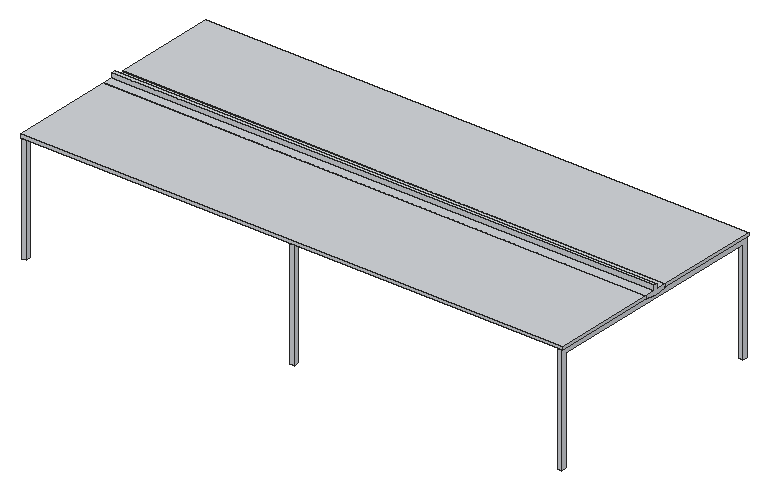
Revit family "Mesa - Estação de trabalho com fiação 1", category Mobiliário, Revit 2019
Family settings
  Com base no plano de trabalho = Não
  Sempre na vertical = Sim
  Corte com vazios quando carregada = Não
  Compartilhado = Não
  Ponto de cálculo do ambiente = Não
Parameters (values of type "Mesa - Estação de trabalho com fiação 1")
  W2 = Largura do poste / 2 + 5 mm  # 20 mm
  W1 = Largura do poste / 2 + 5 mm  # 20 mm
  Visibilidade do poste do meio [instance] = Comprimento > 3000 mm  # yes
  Largura do poste = 30 mm
  Comprimento do poste = 30 mm
  Espessura do painel = 20 mm
  Largura = 1500 mm
  Comprimento [instance] = 3500 mm
  Material de poste = none
  Material do painel = none
  Altura = 720 mm
  Assembly Code = ""
Reference planes
  plane 1 "Centro (Frente/Trás)": y = 1020
  plane 2: z = 0
  plane 3 "Centro (Esquerda/Direita)": x = -1260
  plane 4: y = 1770
  plane 5: y = 270
  plane 6: x = -3010
  plane 7: x = 490
  plane 8: z = 720
  plane 9: y = 1100
  plane 10: y = 940
  plane 11: z = 700
  plane 12: y = 945
  plane 13: y = 1095
  plane 14: z = 688
  plane 15: y = 1030
  plane 16: y = 1010
  plane 17: z = 750
  plane 18: x = -2990
  plane 19: x = 470
  plane 20: y = 1750
  plane 21: y = 290
  plane 22: z = 680
Forms (mm)
  Sweep 1, solid, material <- "Material de poste", visible <- "Visibilidade do poste do meio"
    path origin (-1260, 0, 0) x (0, 1, 0) y (0, 0, 1)
      loop
        line (1750, 0) -> (1750, 680) -> (290, 680) -> (290, 0)
    profile "Poste : Poste" origin (-1260, 1750, 340) x (0, -1, 0) y (1, 0, 0)
      loop
        line (-15, 15) -> (-15, -15) -> (15, -15) -> (15, 15) -> (-15, 15)
  Extrusion 2, solid, material <- "Material do painel"
    sketch origin (0, 0, 0) x (1, 0, 0) y (0, 1, 0)
      loop
        line (-3010, 940) -> (-3010, 270) -> (490, 270) -> (490, 940) -> (-3010, 940)
    from 700 to 720
  Extrusion 3, solid, material <- "Material do painel"
    sketch origin (0, 0, 0) x (1, 0, 0) y (0, 1, 0)
      loop
        line (-3010, 1770) -> (-3010, 1100) -> (490, 1100) -> (490, 1770) -> (-3010, 1770)
    from 700 to 720
  SweptBlend 4, solid, material <- "Material do painel"
    path origin (-1260, 0, 0) x (0, 1, 0) y (0, 0, 1)
      loop
        line (1095, 720) -> (1020, 720)
    profile origin (-1260, 1095, 720) x (0, 0, -1) y (1, 0, 0)
      loop
        line (0, 1750) -> (0, -1750) -> (20, -1750) -> (20, 1750) -> (0, 1750)
    end profile origin (-1260, 1020, 720) x (0, 0, -1) y (1, 0, 0)
      loop
        line (0, 1750) -> (0, -1750) -> (32, -1750) -> (32, 1750) -> (0, 1750)
  Sweep 5, void
    path origin (0, 0, 0) x (1, 0, 0) y (0, 1, 0)
      loop
        line (-3010, 1020) -> (490, 1020)
    profile origin (-1260, 1020, 0) x (0, 1, 0) y (0, 0, 1)
      loop
        line (75, 695) -> (-75, 695) -> (0, 681.775) -> (75, 695)
  Sweep 6, solid, material <- "Material de poste"
    path origin (-2990, 1893.501, 1200) x (0, 1, 0) y (0, 0, 1)
      loop
        line (-143.501, -1200) -> (-143.501, -520) -> (-1603.501, -520) -> (-1603.501, -1200)
    profile "Poste : Poste" origin (-2990, 1750, 340) x (0, -1, 0) y (1, 0, 0)
      loop
        line (-15, 15) -> (-15, -15) -> (15, -15) -> (15, 15) -> (-15, 15)
  Sweep 7, solid, material <- "Material do painel"
    path origin (0, 0, 0) x (1, 0, 0) y (0, 1, 0)
      loop
        line (-3010, 1020) -> (490, 1020)
    profile origin (-1260, 1020, 0) x (0, 1, 0) y (0, 0, 1)
      loop
        line (0, 720) -> (-75, 720) -> (-75, 700) -> (0, 688) -> (0, 720)
  Sweep 8, solid, material <- "Material de poste"
    path origin (470, 2030, 1200) x (0, 1, 0) y (0, 0, 1)
      loop
        line (-1740, -1200) -> (-1740, -520) -> (-280, -520) -> (-280, -1200)
    profile "Poste : Poste" origin (470, 290, 340) x (0, -1, 0) y (1, 0, 0)
      loop
        line (-15, 15) -> (-15, -15) -> (15, -15) -> (15, 15) -> (-15, 15)
  Extrusion 9, solid, material <- "Material do painel"
    sketch origin (0, 0, 0) x (1, 0, 0) y (0, 1, 0)
      loop
        line (-3010, 1030) -> (-3010, 1010) -> (490, 1010) -> (490, 1030) -> (-3010, 1030)
    from 720 to 750
Cuts and joins
  Sweep 5 cuts Sweep 1
  joined: SweptBlend 4, Sweep 7, Extrusion 9
  Sweep 5 cuts Sweep 6
  Sweep 5 cuts Sweep 8
Lines and regions (mm)
  Masking region 1
    outline origin (0, 0, 0) x (1, 0, 0) y (0, 1, 0)
      loop
        line (490, 1770) -> (-3010, 1770) -> (-3010, 270) -> (490, 270) -> (490, 1770)
  symbolic lines
    curve 1: line (-3010, 1770, 0) -> (-3010, 270, 0)
    curve 2: line (-3010, 1770, 0) -> (490, 1770, 0)
    curve 3: line (490, 1770, 0) -> (490, 270, 0)
    curve 4: line (-3010, 270, 0) -> (490, 270, 0)
    curve 5: line (-3010, 1030, 0) -> (490, 1030, 0)
    curve 6: line (-3010, 1010, 0) -> (490, 1010, 0)
    curve 7: line (-3010, 1100, 0) -> (490, 1100, 0)
    curve 8: line (-3010, 940, 0) -> (490, 940, 0)
Dimensions and locks
  "Largura": plane 4 to plane 5
  equal spacing: plane 4, plane 1 "Centro (Frente/Trás)", plane 5
  "Comprimento": plane 6 to plane 7
  equal spacing: plane 6, plane 3 "Centro (Esquerda/Direita)", plane 7
  "Altura": plane 8 to plane 2
  "Espessura do painel": plane 11 to plane 8
  equal spacing: plane 13, plane 1 "Centro (Frente/Trás)", plane 12
  locked: plane 13 to plane 12 at 150
  locked: plane 14 to plane 11 at 12
  locked: plane 9 to plane 13 at 5
  locked: plane 12 to plane 10 at 5
  plane 15 to plane 1 "Centro (Frente/Trás)" to plane 16 = 10 mm locked, 10 mm locked
  locked: plane 17 to plane 8 at 30
  "W1": plane 6 to plane 18
  "W1": plane 19 to plane 7
  "W1": plane 4 to plane 20
  "W1": plane 21 to plane 5
  "W2": plane 11 to plane 22
  aligned and locked: plane 2 to Sweep 1 sketch curve  (x2)
  aligned and locked: Extrusion 2 sketch curve to plane 10
  aligned and locked: plane 6 to Extrusion 2 sketch curve
  aligned and locked: plane 5 to Extrusion 2 sketch curve
  aligned and locked: Extrusion 2 sketch curve to plane 7
  aligned and locked: plane 8 to Extrusion 2
  aligned and locked: Extrusion 2 to plane 11
  aligned and locked: Extrusion 3 sketch curve to plane 4
  aligned and locked: plane 6 to Extrusion 3 sketch curve
  aligned and locked: plane 9 to Extrusion 3 sketch curve
  aligned and locked: Extrusion 3 sketch curve to plane 7
  aligned and locked: plane 8 to Extrusion 3
  aligned and locked: Extrusion 3 to plane 11
  aligned and locked: SweptBlend 4 sketch curve to plane 8  (x3)
  aligned and locked: SweptBlend 4 sketch curve to plane 7  (x2)
  aligned and locked: SweptBlend 4 sketch curve to plane 11
  aligned and locked: plane 6 to SweptBlend 4 sketch curve  (x2)
  aligned and locked: SweptBlend 4 sketch curve to plane 14
  aligned and locked: plane 1 "Centro (Frente/Trás)" to Sweep 5 sketch curve  (x2)
  aligned and locked: plane 7 to Sweep 5 sketch curve
  aligned and locked: plane 6 to Sweep 5 sketch curve
  aligned and locked: plane 13 to Sweep 5 sketch curve
  aligned and locked: Sweep 1 to Sweep 5 sketch curve  (x2)
  aligned and locked: plane 12 to Sweep 5 sketch curve
  aligned and locked: plane 1 "Centro (Frente/Trás)" to Sweep 7 sketch curve  (x2)
  aligned and locked: plane 7 to Sweep 7 sketch curve
  aligned and locked: plane 6 to Sweep 7 sketch curve
  aligned and locked: Sweep 7 sketch curve to plane 8
  aligned and locked: plane 12 to Sweep 7 sketch curve
  aligned and locked: plane 11 to Sweep 7 sketch curve
  aligned and locked: plane 14 to Sweep 7 sketch curve
  aligned and locked: plane 2 to Sweep 8 sketch curve
  aligned and locked: Extrusion 9 sketch curve to plane 15
  aligned and locked: plane 16 to Extrusion 9 sketch curve
  aligned and locked: Extrusion 9 sketch curve to plane 7
  aligned and locked: plane 6 to Extrusion 9 sketch curve
  aligned and locked: plane 17 to Extrusion 9
  aligned and locked: Extrusion 9 to plane 8
  aligned and locked: curve 1 to plane 6
  aligned and locked: curve 2 to plane 4
  aligned and locked: curve 3 to plane 7
  aligned and locked: curve 4 to plane 5
  aligned and locked: Masking region 1 sketch curve to plane 7
  aligned and locked: Masking region 1 sketch curve to plane 5
  aligned and locked: Masking region 1 sketch curve to plane 6
  aligned and locked: Masking region 1 sketch curve to plane 4
  aligned and locked: curve 5 to plane 15
  aligned and locked: curve 6 to plane 16
  aligned and locked: Extrusion 3 to plane 9
  aligned and locked: plane 10 to Extrusion 2
  aligned and locked: curve 8 to plane 10
  aligned and locked: plane 20 to Sweep 6 sketch curve
  aligned and locked: Sweep 6 sketch curve to plane 21
  aligned and locked: plane 22 to Sweep 6 sketch curve
  aligned and locked: plane 20 to Sweep 1 sketch curve
  aligned and locked: plane 22 to Sweep 1 sketch curve
  aligned and locked: Sweep 1 sketch curve to plane 21
  aligned and locked: Sweep 8 sketch curve to plane 20
  aligned and locked: Sweep 8 sketch curve to plane 22
  aligned and locked: plane 21 to Sweep 8 sketch curve
Automatic sketch dimensions
  SweptBlend 4 sketch curve to plane 1 "Centro (Frente/Trás)" = 0 mm
  SweptBlend 4 sketch curve to plane 13 = 0 mm
  Sweep 5 sketch curve to Sweep 5 sketch curve = 13.225 mm
  curve 7 to plane 9 = 0 mm
  Sweep 6 sketch curve to level = 0 mm
  level to Sweep 6 sketch curve = 0 mm
  level to Sweep 8 sketch curve = 0 mm
